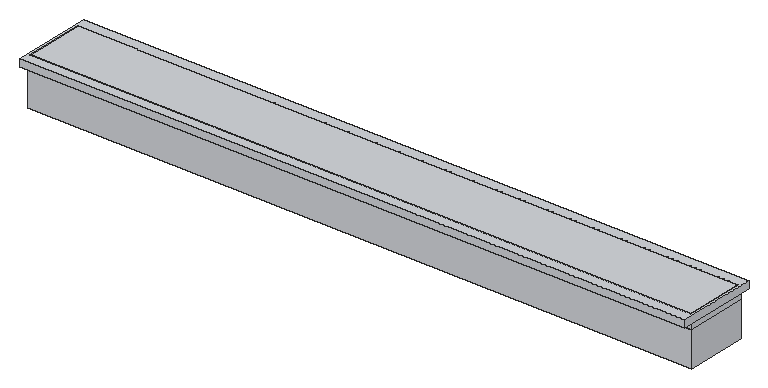
Revit family "RS768HDachrinne", category Sanitärinstallationen, Revit 2020
Family settings
  Bemaßung runder Anschluss = Durchmesser verwenden
  Teiletyp = Normal
  Arbeitsebenenbasiert = Nein
  Immer vertikal = Ja
  Beim Laden mit Abzugskörper schneiden = Nein
  Gemeinsam genutzt = Nein
  Raumberechnungspunkt = Nein
Parameters
  Übergangsbride [instance] = no
  Vorgabe-Ansicht = 0 mm
  Verbindungsbügel [instance] = L Links + L Rechts  # 1100 mm
  URL = "https://www.resitec.ch/"
  Tragstab 30mm [instance] = no
  Tragstab 25mm [instance] = no
  Tragstab 20mm [instance] = yes
  Rinnen Breite rechts [instance] = 1000 mm
  Rinnen Breite links [instance] = 100 mm
  RS_s002 = 1.8 mm  # constant formula
  RS_s001 = 3 mm  # constant formula
  RS_rechtsKR [instance] = L Rechts + RS_KR  # 1016 mm
  RS_linksKR [instance] = L Links + RS_KR  # 116 mm
  RS_hts [instance] = if(Tragstab 20mm, 1 mm, if(Tragstab 25mm, 2 mm, if(Tragstab 30mm, 3 mm, 3 mm)))  # 1 mm
  RS_gefun [instance] = 60 mm
  RS_gefob [instance] = 40 mm
  RS_dimmin95 [instance] = 100 mm
  RS_dimk001 = 115 mm  # constant formula
  RS_dim50_80 [instance] = if(Dachrinne Höhe < 50 mm, 50 mm, if(Dachrinne Höhe > 80 mm, 80 mm, Dachrinne Höhe))  # 80 mm
  RS_dim001 = 12 mm  # constant formula
  RS_dim002 [instance] = if(RS_hts = 1 mm, 20 mm + 2 mm, if(RS_hts = 2 mm, 25 mm + 2 mm, if(RS_hts = 3 mm, 30 mm + 2 mm, 32 mm)))  # 22 mm
  RS_dim003 [instance] = RS_dim50_80  # 80 mm
  RS_dia002 = 110 mm
  RS_dia001 = 114.7 mm  # constant formula
  RS_breite Rand [instance] = 15 mm  # constant formula
  RS_RohrL [instance] = 150 mm
  RS_KRvorne [instance] = (Breite Aussen ref / 2) + RS_KR  # 82 mm
  RS_KRon [instance] = no
  RS_KRhinten [instance] = (Breite Aussen ref / 2) + RS_KR  # 82 mm
  RS_KR [instance] = 16 mm  # constant formula
  RS_DVol-T = 300 mm
  RS_DVol-L = 300 mm
  RS_DN2 = 0 mm
  RS_DN1d = 65 mm
  RS_DN1 = 40 mm
  RS_URL = "https://resitec.ch/entwaesserungstechnik/entwaesserungsrinnen/rinnen/"
  RS_Rost_Typ [instance] = ""
  RS_Manufacture = "Resitec"  # constant formula
  RS_Description [instance] = "zusammenschraubbar"
  RS_Articelnumber [instance] = "Dachrinne"
  L Rechts Innen ref [instance] = L Rechts - RS_s001  # 997 mm
  L Rechts [instance] = Rinnen Breite rechts  # 1000 mm
  L Links innen ref [instance] = L Links - RS_s001  # 97 mm
  L Links [instance] = Rinnen Breite links  # 100 mm
  Hersteller = RS_Manufacture  # "Resitec"
  Dachrinne Höhe [instance] = 80 mm
  Breite Innen ref [instance] = 100 mm  # constant formula
  Breite Aussen ref [instance] = 132 mm
  Description = ""
  Baugruppenkennzeichen = "D2030300"
  Anschlusswert DU L/s = 0
  Anschluss Rechts [instance] = no
  Anschluss Links [instance] = no
Reference planes
  plane 1 "Mitte (Vorne/hinten)": y = 0
  plane 2: z = 0
  plane 3 "Mitte (Links/rechts)": x = 0
  plane 4: x = -100
  plane 5: x = 1000
  plane 6: y = 50
  plane 7: y = -50
  plane 8: y = 66
  plane 9: y = -66
  plane 10: x = -97
  plane 11: x = 997
  plane 12 "ebeneKBlech": z = -12
  plane 13 "lvdim002": z = -22
  plane 14: y = 57.5
  plane 15: y = -57.5
  plane 16: y = 82
  plane 17: x = 1016
  plane 18: y = -82
  plane 19: x = -116
  plane 20: z = -150
  plane 21: x = -96
  plane 22: y = -49
  plane 23: x = 996
  plane 24: y = 49
  plane 25: z = -80
Forms (mm)
  Extrusion 1, solid
    sketch origin (0, 0, 0) x (1, 0, 0) y (0, 1, 0)
      loop
        line (-100, 66) -> (-100, -66) -> (1000, -66) -> (1000, 66) -> (-100, 66)
      loop
        line (997, 50) -> (-97, 50) -> (-97, -50) -> (997, -50) -> (997, 50)
    from 0 to -12
  Extrusion 2, solid
    sketch origin (0, 0, -12) x (-1, 0, 0) y (0, -1, 0)
      loop
        line (100, -50) -> (100, 50) -> (-1000, 50) -> (-1000, -50) -> (100, -50)
    from 0 to -10
  Extrusion 3, solid
    sketch origin (0, 0, -12) x (-1, 0, 0) y (0, -1, 0)
      loop
        line (96, -49) -> (96, 49) -> (-996, 49) -> (-996, -49) -> (96, -49)
    from 0 to 12
  Extrusion 4, solid
    sketch origin (0, 0, 0) x (1, 0, 0) y (0, 1, 0)
      loop
        line (-100, 50) -> (-100, -50) -> (1000, -50) -> (1000, 50) -> (-100, 50)
    from -22 to -80
Dimensions and locks
  equal spacing: plane 7, plane 1 "Mitte (Vorne/hinten)", plane 6
  "L Links": plane 4 to plane 3 "Mitte (Links/rechts)"
  "L Rechts": plane 3 "Mitte (Links/rechts)" to plane 5
  "Breite Innen ref": plane 6 to plane 7
  equal spacing: plane 9, plane 1 "Mitte (Vorne/hinten)", plane 8
  "Breite Aussen ref": plane 8 to plane 9
  "L Links innen ref": plane 10 to plane 3 "Mitte (Links/rechts)"
  "L Rechts Innen ref": plane 3 "Mitte (Links/rechts)" to plane 11
  "RS_dim001": level to plane 12 "ebeneKBlech"
  "RS_dim002": level to plane 13 "lvdim002"
  equal spacing: plane 15, plane 1 "Mitte (Vorne/hinten)", plane 14
  "RS_dimk001": plane 14 to plane 15
  "RS_linksKR": plane 19 to plane 3 "Mitte (Links/rechts)"
  "RS_rechtsKR": plane 3 "Mitte (Links/rechts)" to plane 17
  "RS_KRhinten": plane 1 "Mitte (Vorne/hinten)" to plane 16
  "RS_KRvorne": plane 18 to plane 1 "Mitte (Vorne/hinten)"
  locked: plane 24 to plane 6 at 1
  locked: plane 10 to plane 21 at 1
  locked: plane 23 to plane 11 at 1
  locked: plane 22 to plane 7 at 1
  "RS_dim003": level to plane 25
  level to plane 20 = 150 mm
  aligned and locked: level to plane 2
  aligned and locked: plane 6 to Extrusion 1 sketch curve
  aligned and locked: plane 11 to Extrusion 1 sketch curve
  aligned and locked: Extrusion 1 sketch curve to plane 7
  aligned and locked: Extrusion 1 sketch curve to plane 10
  aligned and locked: Extrusion 1 sketch curve to plane 8
  aligned and locked: Extrusion 1 sketch curve to plane 5
  aligned and locked: plane 9 to Extrusion 1 sketch curve
  aligned and locked: plane 4 to Extrusion 1 sketch curve
  aligned and locked: Extrusion 2 sketch curve to Extrusion 1  (x2)
  aligned and locked: Extrusion 3 sketch curve to plane 21
  aligned and locked: plane 23 to Extrusion 3 sketch curve
  aligned and locked: level to Extrusion 3
  aligned and locked: Extrusion 3 to plane 12 "ebeneKBlech"
  aligned and locked: Extrusion 1 to plane 12 "ebeneKBlech"
  aligned and locked: Extrusion 4 to plane 25
  aligned and locked: plane 13 "lvdim002" to Extrusion 4
  aligned and locked: plane 5 to Extrusion 4
  aligned and locked: Extrusion 2 to plane 4
  aligned and locked: Extrusion 4 to plane 4
  aligned and locked: Extrusion 2 to plane 13 "lvdim002"
  aligned and locked: plane 5 to Extrusion 2
  aligned and locked: Extrusion 4 to plane 7
  aligned and locked: plane 6 to Extrusion 4
Automatic sketch dimensions
  plane 24 to Extrusion 3 sketch curve = 0 mm
  Extrusion 3 sketch curve to plane 22 = 0 mm
  Extrusion 4 sketch curve to plane 10 = 3 mm
  plane 11 to Extrusion 4 sketch curve = 3 mm
  plane 15 to Extrusion 4 sketch curve = 7.5 mm
  Extrusion 4 sketch curve to plane 14 = 7.5 mm
  plane 11 to Extrusion 2 sketch curve = 3 mm
  Extrusion 2 sketch curve to plane 10 = 3 mm
